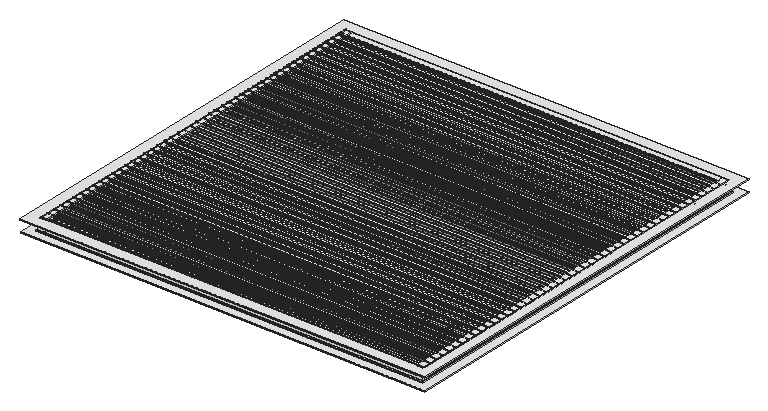
Revit family "NLRS_00_AIR_Muurrooster_ST-415_Storax", category Air Terminals, host Face, Revit 2023 (continued)
Definition of nested family "GEO_louvre_renson V-lamellen"
  Forms (mm)
    Sweep 55, solid, material <- "REN_V Material_01"
      profile "PRF_profile - middle_renson : standaard" origin (0, -499.7, 0) x (0, 1, 0) y (0, 0, 1)
        loop
          line (-19.576, -24.824) -> (-10.476, -15.724)
          arc (-10.476, -15.724) -> (-9.966, -15.469) -> (-9.398, -15.534) r 1.001
          arc (-9.398, -15.534) -> (-6.542, -15.409) -> (-4.856, -13.101) r 3.3
          line (-4.856, -13.101) -> (0, -13.101) -> (0, -11.9) -> (-4.856, -11.9)
          arc (-4.856, -11.9) -> (-6.542, -9.591) -> (-9.398, -9.466) r 3.3
          arc (-9.398, -9.466) -> (-9.966, -9.531) -> (-10.476, -9.276) r 1.001
          line (-10.476, -9.276) -> (-19.576, -0.176)
          arc (-19.576, -0.176) -> (-20.425, -0.176) -> (-20.425, -1.024) r 0.6
          line (-20.425, -1.024) -> (-10.819, -10.63)
          arc (-10.819, -10.63) -> (-10.098, -10.975) -> (-9.319, -10.79) r 1.201
    Sweep 56, solid, material <- "REN_V Material_01"
      path origin (0, -1029.7, 0) x (1, 0, 0) y (0, 1, 0)
        loop
          line (-490, 510) -> (490, 510)
      profile "PRF_profile - middle_renson : standaard" origin (0, -519.7, 0) x (0, 1, 0) y (0, 0, 1)
        loop
          arc (-9.319, -10.79) -> (-6.001, -12.5) -> (-9.319, -14.21) r 2.1
          arc (-9.319, -14.21) -> (-10.098, -14.025) -> (-10.819, -14.37) r 1.201
          line (-10.819, -14.37) -> (-20.425, -23.976)
          arc (-20.425, -23.976) -> (-20.425, -24.824) -> (-19.576, -24.824) r 0.6
          line (-19.576, -24.824) -> (-10.476, -15.724)
          arc (-10.476, -15.724) -> (-9.966, -15.469) -> (-9.398, -15.534) r 1.001
          arc (-9.398, -15.534) -> (-6.542, -15.409) -> (-4.856, -13.101) r 3.3
          line (-4.856, -13.101) -> (0, -13.101) -> (0, -11.9) -> (-4.856, -11.9)
          arc (-4.856, -11.9) -> (-6.542, -9.591) -> (-9.398, -9.466) r 3.3
          arc (-9.398, -9.466) -> (-9.966, -9.531) -> (-10.476, -9.276) r 1.001
          line (-10.476, -9.276) -> (-19.576, -0.176)
          arc (-19.576, -0.176) -> (-20.425, -0.176) -> (-20.425, -1.024) r 0.6
          line (-20.425, -1.024) -> (-10.819, -10.63)
          arc (-10.819, -10.63) -> (-10.098, -10.975) -> (-9.319, -10.79) r 1.201
    Sweep 57, solid, material <- "REN_V Material_01"
      path origin (0, -1049.7, 0) x (1, 0, 0) y (0, 1, 0)
        loop
          line (-490, 510) -> (490, 510)
      profile "PRF_profile - middle_renson : standaard" origin (0, -539.7, 0) x (0, 1, 0) y (0, 0, 1)
        loop
          arc (-9.319, -10.79) -> (-6.001, -12.5) -> (-9.319, -14.21) r 2.1
          arc (-9.319, -14.21) -> (-10.098, -14.025) -> (-10.819, -14.37) r 1.201
          line (-10.819, -14.37) -> (-20.425, -23.976)
          arc (-20.425, -23.976) -> (-20.425, -24.824) -> (-19.576, -24.824) r 0.6
          line (-19.576, -24.824) -> (-10.476, -15.724)
          arc (-10.476, -15.724) -> (-9.966, -15.469) -> (-9.398, -15.534) r 1.001
          arc (-9.398, -15.534) -> (-6.542, -15.409) -> (-4.856, -13.101) r 3.3
          line (-4.856, -13.101) -> (0, -13.101) -> (0, -11.9) -> (-4.856, -11.9)
          arc (-4.856, -11.9) -> (-6.542, -9.591) -> (-9.398, -9.466) r 3.3
          arc (-9.398, -9.466) -> (-9.966, -9.531) -> (-10.476, -9.276) r 1.001
          line (-10.476, -9.276) -> (-19.576, -0.176)
          arc (-19.576, -0.176) -> (-20.425, -0.176) -> (-20.425, -1.024) r 0.6
          line (-20.425, -1.024) -> (-10.819, -10.63)
          arc (-10.819, -10.63) -> (-10.098, -10.975) -> (-9.319, -10.79) r 1.201
    Sweep 58, solid, material <- "REN_V Material_01"
      path origin (0, 0, 0) x (1, 0, 0) y (0, 1, 0)
        loop
          line (-490, 565) -> (490, 565)
      profile "PRF_profile Hoeklijn : Type 1" origin (0, 565, 0) x (0, 1, 0) y (0, 0, 1)
        loop
          line (0, 0) -> (-15, 0) -> (-15, -1.5) -> (-1.5, -1.5) -> (-1.5, -15) -> (0, -15) -> (0, 0)
  Dimensions and locks
    equal spacing: plane 5, plane 3 "Center (Left/Right)", plane 6
    "WT_H Width": plane 5 to plane 6
    equal spacing: plane 7, plane 1 "Center (Front/Back)", plane 8
    "WT_H Height": plane 8 to plane 7
    "WT_H Depth": level to plane 4 "top"
    plane 7 to plane 8 = 1150 mm
    "REN_H Flange_offset": plane 10 to plane 8
    "REN_H Flange_offset": plane 7 to plane 9
    "WT_H Remaining height": plane 9 to plane 11
    equal spacing: group 1, group 2, group 3, group 4, group 5, group 6, group 7, group 8, group 9, group 10, group 11, group 12, group 13, group 14, group 15, group 16, group 17, group 18, group 19, group 20, group 21, group 22, group 23, group 24, group 25, group 26, group 27, group 28, group 29, group 30, group 31, group 32, group 33, group 34, group 35, group 36, group 37, group 38, group 39, group 40, group 41, group 42, group 43, group 44, group 45, group 46, group 47, group 48, group 49, group 50, group 51, group 52, group 53, group 54, group 55, group 56  (x2)
    equal spacing: group 56, group 55, group 54, group 53, group 52, group 51, group 50, group 49, group 48, group 47, group 46, group 45, group 44, group 43, group 42, group 41, group 40, group 39, group 38, group 37, group 36, group 35, group 34, group 33, group 32, group 31, group 30, group 29, group 28, group 27, group 26, group 25, group 24, group 23, group 22, group 21, group 20, group 19, group 18, group 17, group 16, group 15, group 14, group 13, group 12, group 11, group 10, group 9, group 8, group 7, group 6, group 5, group 4, group 3, group 2, group 1
    "WT_H Profile middle_offset": plane 11 to plane 12
    "WT_H Width": Sweep 2 sketch curve to Sweep 2 sketch curve
    "WT_H Width": Sweep 3 sketch curve to Sweep 3 sketch curve
    "WT_H Width": Sweep 4 sketch curve to Sweep 4 sketch curve
    "WT_H Width": Sweep 5 sketch curve to Sweep 5 sketch curve
    "WT_H Width": Sweep 6 sketch curve to Sweep 6 sketch curve
    "WT_H Width": Sweep 7 sketch curve to Sweep 7 sketch curve
    "WT_H Width": Sweep 8 sketch curve to Sweep 8 sketch curve
    "WT_H Width": Sweep 9 sketch curve to Sweep 9 sketch curve
    "WT_H Width": Sweep 10 sketch curve to Sweep 10 sketch curve
    "WT_H Width": Sweep 11 sketch curve to Sweep 11 sketch curve
    "WT_H Width": Sweep 12 sketch curve to Sweep 12 sketch curve
    "WT_H Width": Sweep 13 sketch curve to Sweep 13 sketch curve
    "WT_H Width": Sweep 14 sketch curve to Sweep 14 sketch curve
    "WT_H Width": Sweep 15 sketch curve to Sweep 15 sketch curve
    "WT_H Width": Sweep 16 sketch curve to Sweep 16 sketch curve
    "WT_H Width": Sweep 17 sketch curve to Sweep 17 sketch curve
    "WT_H Width": Sweep 18 sketch curve to Sweep 18 sketch curve
    "WT_H Width": Sweep 19 sketch curve to Sweep 19 sketch curve
    "WT_H Width": Sweep 20 sketch curve to Sweep 20 sketch curve
    "WT_H Width": Sweep 21 sketch curve to Sweep 21 sketch curve
    "WT_H Width": Sweep 22 sketch curve to Sweep 22 sketch curve
    "WT_H Width": Sweep 23 sketch curve to Sweep 23 sketch curve
    "WT_H Width": Sweep 24 sketch curve to Sweep 24 sketch curve
    "WT_H Width": Sweep 25 sketch curve to Sweep 25 sketch curve
    "WT_H Width": Sweep 26 sketch curve to Sweep 26 sketch curve
    "WT_H Width": Sweep 27 sketch curve to Sweep 27 sketch curve
    "WT_H Width": Sweep 28 sketch curve to Sweep 28 sketch curve
    "WT_H Width": Sweep 29 sketch curve to Sweep 29 sketch curve
    "WT_H Width": Sweep 30 sketch curve to Sweep 30 sketch curve
    "WT_H Width": Sweep 31 sketch curve to Sweep 31 sketch curve
    "WT_H Width": Sweep 32 sketch curve to Sweep 32 sketch curve
    "WT_H Width": Sweep 33 sketch curve to Sweep 33 sketch curve
    "WT_H Width": Sweep 34 sketch curve to Sweep 34 sketch curve
    "WT_H Width": Sweep 35 sketch curve to Sweep 35 sketch curve
    "WT_H Width": Sweep 36 sketch curve to Sweep 36 sketch curve
    "WT_H Width": Sweep 37 sketch curve to Sweep 37 sketch curve
    "WT_H Width": Sweep 38 sketch curve to Sweep 38 sketch curve
    "WT_H Width": Sweep 39 sketch curve to Sweep 39 sketch curve
    "WT_H Width": Sweep 40 sketch curve to Sweep 40 sketch curve
    "WT_H Width": Sweep 41 sketch curve to Sweep 41 sketch curve
    "WT_H Width": Sweep 42 sketch curve to Sweep 42 sketch curve
    "WT_H Width": Sweep 43 sketch curve to Sweep 43 sketch curve
    "WT_H Width": Sweep 44 sketch curve to Sweep 44 sketch curve
    "WT_H Width": Sweep 45 sketch curve to Sweep 45 sketch curve
    "WT_H Width": Sweep 46 sketch curve to Sweep 46 sketch curve
    "WT_H Width": Sweep 47 sketch curve to Sweep 47 sketch curve
    "WT_H Width": Sweep 48 sketch curve to Sweep 48 sketch curve
    "WT_H Width": Sweep 49 sketch curve to Sweep 49 sketch curve
    "WT_H Width": Sweep 50 sketch curve to Sweep 50 sketch curve
    "WT_H Width": Sweep 51 sketch curve to Sweep 51 sketch curve
    "WT_H Width": Sweep 52 sketch curve to Sweep 52 sketch curve
    "WT_H Width": Sweep 53 sketch curve to Sweep 53 sketch curve
    "WT_H Width": Sweep 54 sketch curve to Sweep 54 sketch curve
    "WT_H Width": Sweep 55 sketch curve to Sweep 55 sketch curve
    "WT_H Width": Sweep 56 sketch curve to Sweep 56 sketch curve
    "WT_H Width": Sweep 57 sketch curve to Sweep 57 sketch curve
    plane 66 to Sweep 57 = 20.601 mm
    aligned and locked: plane 2 to Extrusion 1
    aligned and locked: level to Extrusion 1
    aligned and locked: plane 9 to Sweep 58 sketch curve
    aligned and locked: plane 5 to Sweep 58 sketch curve
    aligned and locked: plane 6 to Sweep 58 sketch curve
  Automatic sketch dimensions
    Extrusion 1 sketch curve to Extrusion 1 sketch curve = 2438.4 mm  (x2)
    plane 11 to Sweep 2 sketch curve = 0 mm  (x2)
    plane 66 to Sweep 57 sketch curve = 0 mm
    plane 12 to Sweep 3 sketch curve = 0 mm
    plane 13 to Sweep 4 sketch curve = 0 mm
    plane 14 to Sweep 5 sketch curve = 0 mm
    plane 15 to Sweep 6 sketch curve = 0 mm
    plane 16 to Sweep 7 sketch curve = 0 mm
    plane 17 to Sweep 8 sketch curve = 0 mm
    plane 18 to Sweep 9 sketch curve = 0 mm
    plane 19 to Sweep 10 sketch curve = 0 mm
    plane 20 to Sweep 11 sketch curve = 0 mm
    plane 21 to Sweep 12 sketch curve = 0 mm
    plane 22 to Sweep 13 sketch curve = 0 mm
    plane 23 to Sweep 14 sketch curve = 0 mm
    plane 24 to Sweep 15 sketch curve = 0 mm
    plane 25 to Sweep 16 sketch curve = 0 mm
    plane 26 to Sweep 17 sketch curve = 0 mm
    plane 27 to Sweep 18 sketch curve = 0 mm
    plane 28 to Sweep 19 sketch curve = 0 mm
    plane 29 to Sweep 20 sketch curve = 0 mm
    plane 30 to Sweep 21 sketch curve = 0 mm
    plane 31 to Sweep 22 sketch curve = 0 mm
    plane 32 to Sweep 23 sketch curve = 0 mm
    plane 33 to Sweep 24 sketch curve = 0 mm
    plane 34 to Sweep 25 sketch curve = 0 mm
    plane 35 to Sweep 26 sketch curve = 0 mm
    plane 36 to Sweep 27 sketch curve = 0 mm
    plane 37 to Sweep 28 sketch curve = 0 mm
    plane 38 to Sweep 29 sketch curve = 0 mm
    plane 39 to Sweep 30 sketch curve = 0 mm
    plane 40 to Sweep 31 sketch curve = 0 mm
    plane 41 to Sweep 32 sketch curve = 0 mm
    plane 42 to Sweep 33 sketch curve = 0 mm
    plane 43 to Sweep 34 sketch curve = 0 mm
    plane 44 to Sweep 35 sketch curve = 0 mm
    plane 45 to Sweep 36 sketch curve = 0 mm
    plane 46 to Sweep 37 sketch curve = 0 mm
    plane 47 to Sweep 38 sketch curve = 0 mm
    plane 48 to Sweep 39 sketch curve = 0 mm
    plane 49 to Sweep 40 sketch curve = 0 mm
    plane 50 to Sweep 41 sketch curve = 0 mm
    plane 51 to Sweep 42 sketch curve = 0 mm
    plane 52 to Sweep 43 sketch curve = 0 mm
    plane 53 to Sweep 44 sketch curve = 0 mm
    plane 54 to Sweep 45 sketch curve = 0 mm
    plane 55 to Sweep 46 sketch curve = 0 mm
    plane 56 to Sweep 47 sketch curve = 0 mm
    plane 57 to Sweep 48 sketch curve = 0 mm
    plane 58 to Sweep 49 sketch curve = 0 mm
    plane 59 to Sweep 50 sketch curve = 0 mm
    plane 60 to Sweep 51 sketch curve = 0 mm
    plane 61 to Sweep 52 sketch curve = 0 mm
    plane 62 to Sweep 53 sketch curve = 0 mm
    plane 63 to Sweep 54 sketch curve = 0 mm
    plane 64 to Sweep 55 sketch curve = 0 mm
    plane 65 to Sweep 56 sketch curve = 0 mm
Definition of nested family "water channel - SH_renson"
  Parameters (values of type "water channel_renson")
    ZZZ_Width_Length [instance] = if(REN_V Width = 0 mm, REN_V Diameter - REN_H Flange_offset * 2, REN_V Width - REN_H Flange_offset * 2)  # 988 mm
    ZZZ_Round_YesNo [instance] = not(ZZZ_Rectangular_YesNo)  # no
    ZZZ_Rectangular_YesNo [instance] = and(REN_V Width > 0 mm, ZZZ_Height_Length > 0 mm)  # yes
    ZZZ_Radius_Length [instance] = if(REN_V Diameter = 0 mm, 2 mm, REN_V Diameter / 2)  # 2 mm
    ZZZ_Height_Length [instance] = if(REN_V Height = 0 mm, REN_V Diameter, REN_V Height)  # 1000 mm
    RSen_C_width [instance] = if(REN_V Width < REN_I Width_min, REN_I Width_min, if(REN_I Width_max < 1 mm, REN_V Width, if(REN_V Width > REN_I Width_max, REN_I Width_max, REN_V Width)))  # 1000 mm
    RSen_C_type_comments = "water channel"
    RSen_C_type = "water channel"
    RSen_C_model = "water channel"
    RSen_C_height [instance] = if(REN_V Height < REN_I Height_min, REN_I Width_min, if(REN_I Height_max < 1 mm, REN_V Height, if(REN_V Height > REN_I Height_max, REN_I Height_max, REN_V Height)))  # 1000 mm
    RSen_C_diameter [instance] = if(REN_V Diameter < REN_I Diameter_min, REN_I Diameter_min, if(REN_I Diameter_max < 1 mm, REN_V Diameter, if(REN_V Diameter > REN_I Diameter_max, REN_I Diameter_max, REN_V Diameter)))  # 0 mm
    RSen_C_description = "renson_water channel"
    RSen_C_depth = 0 mm
    RSen_C_code_gtin = "-"
    RSen_C_code_article = "water channel"
    RSen_C_code_ETIM_URL = "http://prod.etim-international.com/Class/Details?classId=EC010230&classVersion=5"
    RSen_C_code_ETIM = "Overstroomrooster"  # constant formula
    RSen_C_code_CBNL = "Louvre"  # constant formula
    REN_W Fingerprint = "<RSen_C_length> mm"
    REN_V Material_01 [instance] = none
    REN_V Width [instance] = 1000 mm
    REN_V Height [instance] = 1000 mm
    REN_V Depth [instance] = 0 mm
    REN_I Width_min = 0 mm
    REN_I Width_max = 0 mm
    REN_I Height_min = 0 mm
    REN_I Height_max = 0 mm
    REN_I Diameter_min = 0 mm
    REN_I Diameter_max = 0 mm
    REN_I BaseKeynote = "57.10.90.1"  # constant formula
    REN_V Diameter [instance] = 0 mm
    URL = "http://www.renson.be/nl/lastenboekteksten-industriele-roosters.html"
    Type Comments = RSen_C_type_comments  # "water channel"
    REN_H Flange_offset [instance] = 6 mm
    Model = RSen_C_model  # "water channel"
    Manufacturer = "Renson"  # constant formula
    IfcExportType = "Grille"  # constant formula
    IfcExportAs = "IfcAirTerminalType"  # constant formula
    Description = RSen_C_description  # "renson_water channel"
    Default Elevation = 2500 mm
    Assembly Code = "57.10.90.1"
  Reference planes
    plane 1 "Center (Front/Back)": y = 0
    plane 2: z = 0
    plane 3 "Center (Left/Right)": x = 0
    plane 4 "top": z = 0
    plane 5: x = -494
    plane 6: x = 494
    plane 7: y = 500
    plane 8: y = -500
    plane 9: y = 451.5
    plane 10: y = 418.5
  Forms (mm)
    Extrusion 1, solid
      sketch origin (0, 0, 0) x (1, 0, 0) y (0, 1, 0)
        loop
          line (-1219.2, 1219.2) -> (-1219.2, -1219.2) -> (1219.2, -1219.2) -> (1219.2, 1219.2) -> (-1219.2, 1219.2)
      from 0 to -304.8
    Sweep 2, solid, material <- "REN_V Material_01"
      path origin (0, 0, 0) x (1, 0, 0) y (0, 1, 0)
        loop
          line (-494, -500) -> (494, -500)
      profile "PRF_profile - water channel_renson : standard" origin (0, -500, 0) x (0, 1, 0) y (0, 0, 1)
        loop
          line (23.36, 5) -> (11.5, 5) -> (11.5, 3) -> (24.098, 3) -> (31.042, -15.819)
          arc (31.042, -15.819) -> (31.592, -16.531) -> (32.45, -16.8) r 1.5
          line (32.45, -16.8) -> (40.8, -16.8) -> (40.8, -14.5) -> (39.279, -14.5) -> (39.279, -15.3) -> (32.45, -15.3) -> (25.697, 3) -> (40.8, 3) -> (40.8, -1.7) -> (42.8, -1.7) -> (42.8, 3.5) -> (46.8, 3.5) -> (46.8, 0.666)
          arc (46.8, 0.666) -> (46.8, -1.066) -> (48.3, -0.2) r 1
          line (48.3, -0.2) -> (48.3, 5) -> (24.959, 5) -> (22.254, 12.331)
          arc (22.254, 12.331) -> (20.422, 14.702) -> (17.563, 15.6) r 5
          line (17.563, 15.6) -> (9.25, 15.6)
          arc (9.25, 15.6) -> (8.5, 14.85) -> (9.25, 14.1) r 0.75
          line (9.25, 14.1) -> (17.563, 14.1)
          arc (17.563, 14.1) -> (19.564, 13.471) -> (20.847, 11.812) r 3.5
          line (20.847, 11.812) -> (23.36, 5)
  Dimensions and locks
    equal spacing: plane 5, plane 3 "Center (Left/Right)", plane 6
    "ZZZ_Width_Length": plane 5 to plane 6
    equal spacing: plane 7, plane 1 "Center (Front/Back)", plane 8
    "ZZZ_Height_Length": plane 8 to plane 7
    "RSen_C_depth": plane 4 "top" to level
    plane 9 to plane 7 = 48.5 mm
    plane 9 to plane 10 = 33 mm
    aligned and locked: plane 2 to Extrusion 1
    aligned and locked: level to Extrusion 1
    aligned and locked: plane 6 to Sweep 2 sketch curve
    aligned and locked: plane 5 to Sweep 2 sketch curve
    aligned and locked: plane 8 to Sweep 2 sketch curve
  Automatic sketch dimensions
    Extrusion 1 sketch curve to Extrusion 1 sketch curve = 2438.4 mm  (x2)
Types (3, lengths in mm): name | ZZZ_Flange_FamilyType_Air Terminals | RSen_C_model | RSen_C_description | RSen_C_code_article | Model | Description
  ST-415-24 | GEO_flange_renson : standard | "ST-415-24" | "ST-415-24" | "ST-415-24" | "ST-415-24" | "ST-415-24"
  ST-415-28 | GEO_flange_renson 28 : standard | "ST-415-28" | "ST-415-28" | "ST-415-28" | "ST-415-28" | "ST-415-28"
  ST-415-32 | GEO_flange_renson 32 : standard | "ST-415-32" | "ST-415-32" | "ST-415-32" | "ST-415-32" | "ST-415-32"
